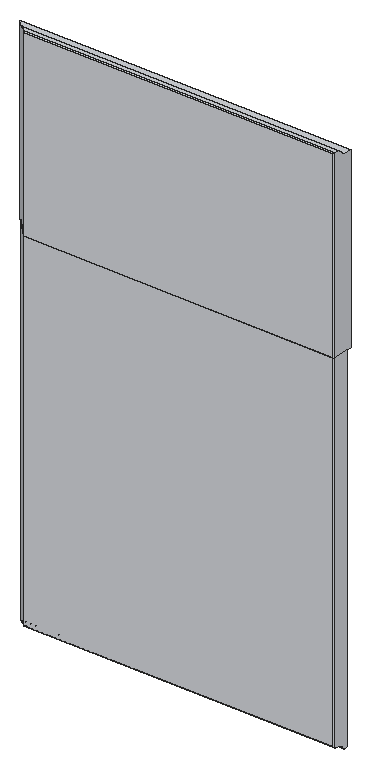
Revit family "GEN_A3-External-Facade-Middle-Panel-BW20", category Curtain Panels, Revit 2016
Family settings
  OmniClass Number = 23.25.20.14.11.11.17
  OmniClass Title = Infill Panels
  Always vertical = Yes
  Cut with Voids When Loaded = No
  Shared = No
Parameters (values of type "External Facade")
  Top Off Set [instance] = 2486.752 mm
  RH Off Set [instance] = 467.272 mm
  Panel Thickness = 200 mm
  Panel 2 [instance] = Default Roof
  Panel 1 [instance] = Phase - Temporary
  LH Off Set [instance] = 500 mm
  Keynote = "U004"
  Fill [instance] = Poche
  Cill [instance] = 3062.5 mm
  Assembly Code = ""
Reference planes
  plane 1 "Center (Front/Back)": y = 0
  plane 2: z = 0
  plane 3 "Center (Left/Right)": x = -300
  plane 4 "Left": x = -1800
  plane 5 "Right": x = 1200
  plane 6 "Top": z = 4985
  plane 7 "face": y = 100
  plane 8: y = -100
  plane 9: z = 3323.333
  plane 10: z = 1661.667
  plane 11: x = -1880
  plane 12: z = 5035
  plane 13: x = -1900
  plane 14 "160": y = 60
  plane 15: z = 1329.333
  plane 16: z = 997
  plane 17: z = 664.667
  plane 18: z = 332.333
  plane 19: z = 2991
  plane 20: z = 2658.667
  plane 21: z = 2326.333
  plane 22: z = 1994
Forms (mm)
  Extrusion 1, void
    sketch origin (0, 0, 0) x (1, 0, 0) y (0, 1, 0)
      loop
        line (-1900, 100) -> (-1900, -100) -> (-1700, -100) -> (-1880, 80) -> (-1880, 100) -> (-1900, 100)
    from 0 to 5035
  Extrusion 2, void
    sketch origin (0, 0, 0) x (1, 0, 0) y (0, 1, 0)
      loop
        line (1190, -100) -> (1200, -100) -> (1200, -90) -> (1190, -100)
    from 0 to 5035
  Extrusion 3, solid
    sketch origin (-300, 0, 0) x (0, 1, 0) y (0, 0, 1)
      loop
        line (-100, 62.859) -> (-87.141, 50) -> (-37, 50) -> (23, 0) -> (60, 0) -> (60, 3323.333) -> (-100, 3323.333) -> (-100, 62.859)
    from -1600 to 1500
  Extrusion 4, solid
    sketch origin (-300, 0, 0) x (0, 1, 0) y (0, 0, 1)
      loop
        line (-100, 5025) -> (-100, 3323.333) -> (100, 3323.333) -> (100, 4985) -> (15, 4985) -> (-45, 5035) -> (-90, 5035) -> (-100, 5025)
    from -1600 to 1500
  Sweep 5, void
    path origin (0, 100, 0) x (-1, 0, 0) y (0, 0, 1)
      loop
        line (1880, 4985) -> (-1200, 4985) -> (-1200, 3323.333) -> (1880, 3323.333)
    profile "Resess Profile : Resess Profile" origin (-340, 100, 4985) x (0, 0, -1) y (0, 1, 0)
      loop
        line (0, -10) -> (10, 0) -> (-10, 0) -> (0, -10)
  Sweep 6, void
    path origin (0, 60, 0) x (-1, 0, 0) y (0, 0, 1)
      loop
        line (1880, 3323.333) -> (-1200, 3323.333) -> (-1200, 0) -> (1880, 0)
    profile "Resess Profile : Resess Profile" origin (-340, 60, 3323.333) x (0, 0, -1) y (0, 1, 0)
      loop
        line (0, -10) -> (10, 0) -> (-10, 0) -> (0, -10)
  Sweep 7, void
    path origin (0, 60, 0) x (-1, 0, 0) y (0, 0, 1)
      loop
        line (-1200, 2991) -> (1880, 2991)
    profile "Resess Profile : Resess Profile" origin (-340, 60, 2991) x (0, 0, 1) y (0, 1, 0)
      loop
        line (0, -10) -> (10, 0) -> (-10, 0) -> (0, -10)
  Sweep 8, void
    path origin (0, 60, -332.333) x (-1, 0, 0) y (0, 0, 1)
      loop
        line (-1200, 2991) -> (1880, 2991)
    profile "Resess Profile : Resess Profile" origin (-340, 60, 2658.667) x (0, 0, 1) y (0, 1, 0)
      loop
        line (0, -10) -> (10, 0) -> (-10, 0) -> (0, -10)
  Sweep 9, void
    path origin (0, 60, -664.667) x (-1, 0, 0) y (0, 0, 1)
      loop
        line (-1200, 2991) -> (1880, 2991)
    profile "Resess Profile : Resess Profile" origin (-340, 60, 2326.333) x (0, 0, 1) y (0, 1, 0)
      loop
        line (0, -10) -> (10, 0) -> (-10, 0) -> (0, -10)
  Sweep 10, void
    path origin (0, 60, -997) x (-1, 0, 0) y (0, 0, 1)
      loop
        line (-1200, 2991) -> (1880, 2991)
    profile "Resess Profile : Resess Profile" origin (-340, 60, 1994) x (0, 0, 1) y (0, 1, 0)
      loop
        line (0, -10) -> (10, 0) -> (-10, 0) -> (0, -10)
  Sweep 11, void
    path origin (0, 60, -1329.333) x (-1, 0, 0) y (0, 0, 1)
      loop
        line (-1200, 2991) -> (1880, 2991)
    profile "Resess Profile : Resess Profile" origin (-340, 60, 1661.667) x (0, 0, 1) y (0, 1, 0)
      loop
        line (0, -10) -> (10, 0) -> (-10, 0) -> (0, -10)
  Sweep 12, void
    path origin (0, 60, -1661.667) x (-1, 0, 0) y (0, 0, 1)
      loop
        line (-1200, 2991) -> (1880, 2991)
    profile "Resess Profile : Resess Profile" origin (-340, 60, 1329.333) x (0, 0, 1) y (0, 1, 0)
      loop
        line (0, -10) -> (10, 0) -> (-10, 0) -> (0, -10)
  Sweep 13, void
    path origin (0, 60, -1994) x (-1, 0, 0) y (0, 0, 1)
      loop
        line (-1200, 2991) -> (1880, 2991)
    profile "Resess Profile : Resess Profile" origin (-340, 60, 997) x (0, 0, 1) y (0, 1, 0)
      loop
        line (0, -10) -> (10, 0) -> (-10, 0) -> (0, -10)
  Sweep 14, void
    path origin (0, 60, -2326.333) x (-1, 0, 0) y (0, 0, 1)
      loop
        line (-1200, 2991) -> (1880, 2991)
    profile "Resess Profile : Resess Profile" origin (-340, 60, 664.667) x (0, 0, 1) y (0, 1, 0)
      loop
        line (0, -10) -> (10, 0) -> (-10, 0) -> (0, -10)
  Sweep 15, void
    path origin (0, 60, -2658.667) x (-1, 0, 0) y (0, 0, 1)
      loop
        line (-1200, 2991) -> (1880, 2991)
    profile "Resess Profile : Resess Profile" origin (-340, 60, 332.333) x (0, 0, 1) y (0, 1, 0)
      loop
        line (0, -10) -> (10, 0) -> (-10, 0) -> (0, -10)
Cuts and joins
  Extrusion 1, Extrusion 2, Sweep 5, Sweep 6 cuts Extrusion 4
  Extrusion 1, Extrusion 2, Sweep 6, Sweep 7, Sweep 8, Sweep 9, Sweep 10, Sweep 11, Sweep 12, Sweep 13, Sweep 14, Sweep 15 cuts Extrusion 3
Text (mm)
  text "Exterior" at (-2351.972, 1416.179, 0), in view "Ref. Level"
  text "Exterior" at (0, 2290.741, 4406.713), in view "Left"
  text "Exterior" at (0, 1328.187, 4120.349), in view "Right"
Dimensions and locks
  equal spacing: plane 4 "Left", plane 3 "Center (Left/Right)", plane 5 "Right"
  plane 7 "face" to plane 1 "Center (Front/Back)" to plane 8 = 100 mm, 100 mm locked
  plane 7 "face" to plane 8 = 200 mm
  plane 4 "Left" to plane 5 "Right" = 3000 mm
  plane 2 to plane 6 "Top" = 4985 mm
  plane 13 to plane 5 "Right" = 3100 mm
  equal spacing: plane 2, plane 10, plane 9, plane 6 "Top"
  plane 13 to plane 11 to plane 4 "Left" = 20 mm locked, 80 mm locked
  plane 6 "Top" to level = 4985 mm
  locked: plane 6 "Top" to plane 12 at 50
  plane 4 "Left" to plane 3 "Center (Left/Right)" = 1500 mm
  locked: plane 14 "160" to plane 8 at 160
  plane 2 to plane 18 to plane 17 to plane 16 to plane 15 to plane 10 to plane 22 to plane 21 to plane 20 to plane 19 to plane 9 = 332.333 mm, 332.333 mm, 332.333 mm, 332.333 mm, 332.333 mm, 332.333 mm, 332.333 mm, 332.333 mm, 332.333 mm, 332.333 mm
  aligned and locked: level to plane 2
  aligned and locked: Extrusion 3 to plane 5 "Right"
  aligned and locked: Extrusion 4 to plane 5 "Right"
  aligned and locked: Extrusion 3 to plane 13
  aligned and locked: Extrusion 4 to plane 13
  aligned and locked: Extrusion 4 sketch curve to plane 9
  aligned and locked: Extrusion 3 sketch curve to plane 9
  aligned and locked: Extrusion 3 sketch curve to plane 14 "160"
  aligned and locked: Extrusion 1 to plane 12
  aligned and locked: Extrusion 2 to plane 12
  aligned and locked: Sweep 5 sketch curve to cut or joined group of Extrusion 1, Extrusion 2, Extrusion 4, Sweep 5, Sweep 6  (x2)
  aligned and locked: Sweep 5 sketch curve to cut or joined group 1 (Extrusion 1, Extrusion 2, Extrusion 3, Sweep 6, Sweep 7, Sweep 8, Sweep 9, Sweep 10, Sweep 11, Sweep 12, Sweep 13, Sweep 14, Sweep 15)
  aligned and locked: plane 11 to Sweep 5 sketch curve  (x2)
  aligned and locked: Sweep 6 sketch curve to cut or joined group of Extrusion 1, Extrusion 2, Extrusion 4, Sweep 5, Sweep 6
  aligned and locked: Sweep 6 sketch curve to cut or joined group 1  (x2)
  aligned and locked: plane 11 to Sweep 6 sketch curve  (x2)
  aligned and locked: plane 5 "Right" to Sweep 7 sketch curve
  aligned and locked: Sweep 7 sketch curve to plane 19
  aligned and locked: plane 11 to Sweep 7 sketch curve
Automatic sketch dimensions
  Extrusion 1 sketch curve to plane 8 = 0 mm
  Extrusion 1 sketch curve to plane 13 = 0 mm
  Extrusion 1 sketch curve to plane 7 "face" = 0 mm
  Extrusion 1 sketch curve to plane 11 = 0 mm
  Extrusion 1 sketch curve to plane 4 "Left" = 100 mm
  Extrusion 1 sketch curve to Extrusion 1 sketch curve = 20 mm
  Extrusion 2 sketch curve to plane 8 = 0 mm
  Extrusion 2 sketch curve to plane 5 "Right" = 0 mm
  plane 5 "Right" to Extrusion 2 sketch curve = 10 mm
  Extrusion 2 sketch curve to Extrusion 2 sketch curve = 10 mm
  Extrusion 3 sketch curve to plane 8 = 0 mm
  Extrusion 3 sketch curve to level = 0 mm
  plane 8 to Extrusion 3 sketch curve = 12.859 mm
  plane 1 "Center (Front/Back)" to Extrusion 3 sketch curve = 37 mm
  Extrusion 3 sketch curve to plane 1 "Center (Front/Back)" = 23 mm
  level to Extrusion 3 sketch curve = 50 mm
  Extrusion 3 sketch curve to Extrusion 3 sketch curve = 12.859 mm
  Extrusion 4 sketch curve to plane 8 = 0 mm
  plane 12 to Extrusion 4 sketch curve = 0 mm
  plane 6 "Top" to Extrusion 4 sketch curve = 0 mm
  Extrusion 4 sketch curve to plane 7 "face" = 0 mm
  plane 8 to Extrusion 4 sketch curve = 10 mm
  Extrusion 4 sketch curve to Extrusion 4 sketch curve = 45 mm
  Extrusion 4 sketch curve to plane 1 "Center (Front/Back)" = 15 mm
  plane 12 to Extrusion 4 sketch curve = 10 mm
  plane 5 "Right" to Sweep 8 sketch curve = 0 mm
  Sweep 8 sketch curve to plane 11 = 0 mm
  Sweep 8 sketch curve to plane 20 = 0 mm
  plane 5 "Right" to Sweep 9 sketch curve = 0 mm
  Sweep 9 sketch curve to plane 11 = 0 mm
  Sweep 9 sketch curve to plane 21 = 0 mm
  plane 5 "Right" to Sweep 10 sketch curve = 0 mm
  Sweep 10 sketch curve to plane 11 = 0 mm
  Sweep 10 sketch curve to plane 22 = 0 mm
  plane 5 "Right" to Sweep 11 sketch curve = 0 mm
  Sweep 11 sketch curve to plane 10 = 0 mm
  Sweep 11 sketch curve to plane 11 = 0 mm
  plane 5 "Right" to Sweep 12 sketch curve = 0 mm
  Sweep 12 sketch curve to plane 11 = 0 mm
  Sweep 12 sketch curve to plane 15 = 0 mm
  plane 5 "Right" to Sweep 13 sketch curve = 0 mm
  Sweep 13 sketch curve to plane 11 = 0 mm
  Sweep 13 sketch curve to plane 16 = 0 mm
  plane 5 "Right" to Sweep 14 sketch curve = 0 mm
  Sweep 14 sketch curve to plane 11 = 0 mm
  Sweep 14 sketch curve to plane 17 = 0 mm
  plane 5 "Right" to Sweep 15 sketch curve = 0 mm
  Sweep 15 sketch curve to plane 11 = 0 mm
  Sweep 15 sketch curve to plane 18 = 0 mm
